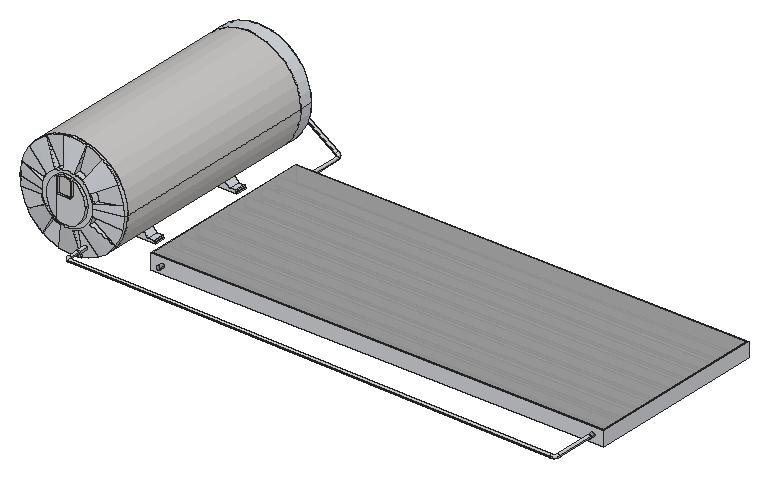
Revit family
Parameters (values of type "1360 X 594 SOL-200-DC")
  Number Of Solar Collector Panels (m2) = "1 X SOL-Panel-2.5"
  Heater Diameter = Height - 14 mm  # 580 mm
  URL = "http://www.autospec.co.za/browse.php?id=201327504"
  Product Code = "SOL-200-DIR"
  Operating Pressure = 400 kPa
  OmniClass Title = ""
  OmniClass Number = ""
  Modspec Classification = ""
  Specification = ""
  Material = Galvanised Steel
  Mass (Kg) = "52"
  Location (revit room) = ""
  Model = "Solar Water Heater Direct System 200 Litres"
  Manufacturer = "Kwikot"  # constant formula
  Length = 1360 mm
  Height = 594 mm
  Element Rating = 2 kW
  Hot Water Pipe Radius = Hot Water Pipe Diameter / 2  # 10 mm
  Cold Water Pipe Radius = Cold Water Pipe Diameter / 2  # 10 mm
  Hot Water Pipe Diameter = 20 mm
  Cold Water Pipe Diameter = 20 mm
  Cap Material = Metal Cap - Steel
  Colour = none
  Capacity (Litres) = 200.00 L
  Body Finish = none
  Base Mounting = 565 mm
  Assembly Code = "D3010500"
Reference planes
  plane 1 "Center (Front/Back)": y = 0
  plane 2 "Bottom": z = 0
  plane 3 "Center (Left/Right)": x = 0
  plane 4 "Right": x = 580
  plane 5: y = 1360
  plane 6 "Top": z = 594
  plane 7: x = 290
  plane 8: z = 14
  plane 9: z = 304
  plane 10: y = 680
  plane 11: y = 1260
  plane 12: y = 65
  plane 13: y = 962.5
  plane 14: y = 397.5
  plane 15: x = 467.5
  plane 16: x = 112.5
  plane 17: z = 80
  plane 18: y = 50
  plane 19: y = 15
  plane 20: y = 1335
Forms (mm)
  Extrusion 1, solid, material "Galvanised Steel"
    sketch origin (-115.446, 680, 1200) x (-1, 0, 0) y (0, 0, 1)
      loop
        circle (-405.446, -896) r 290
    from -615 to 580
  Extrusion 2, solid
    sketch origin (-115.446, 397.5, 1200) x (-1, 0, 0) y (0, 0, 1)
      loop
        line (-202.946, -1200) -> (-202.946, -1197) -> (-205.446, -1197)
        arc (-205.446, -1197) -> (-207.567, -1196.121) -> (-208.446, -1194) r 3
        line (-208.446, -1194) -> (-208.446, -1189)
        arc (-208.446, -1189) -> (-209.325, -1186.879) -> (-211.446, -1186) r 3
        line (-211.446, -1186) -> (-242.946, -1186) -> (-274.296, -1154.65)
        arc (-274.296, -1154.65) -> (-405.446, -1186) -> (-536.596, -1154.65) r 290
        line (-536.596, -1154.65) -> (-567.946, -1186) -> (-599.446, -1186)
        arc (-599.446, -1186) -> (-601.567, -1186.879) -> (-602.446, -1189) r 3
        line (-602.446, -1189) -> (-602.446, -1194)
        arc (-602.446, -1194) -> (-603.325, -1196.121) -> (-605.446, -1197) r 3
        line (-605.446, -1197) -> (-607.946, -1197) -> (-607.946, -1200) -> (-202.946, -1200)
    from -30 to 30
  Extrusion 3, solid
    sketch origin (-115.446, 962.5, 1200) x (-1, 0, 0) y (0, 0, 1)
      loop
        line (-607.946, -1200) -> (-202.946, -1200) -> (-202.946, -1197) -> (-205.446, -1197)
        arc (-205.446, -1197) -> (-207.567, -1196.121) -> (-208.446, -1194) r 3
        line (-208.446, -1194) -> (-208.446, -1189)
        arc (-208.446, -1189) -> (-209.325, -1186.879) -> (-211.446, -1186) r 3
        line (-211.446, -1186) -> (-242.946, -1186) -> (-274.296, -1154.65)
        arc (-274.296, -1154.65) -> (-405.446, -1186) -> (-536.596, -1154.65) r 290
        line (-536.596, -1154.65) -> (-567.946, -1186) -> (-599.446, -1186)
        arc (-599.446, -1186) -> (-601.567, -1186.879) -> (-602.446, -1189) r 3
        line (-602.446, -1189) -> (-602.446, -1194)
        arc (-602.446, -1194) -> (-603.325, -1196.121) -> (-605.446, -1197) r 3
        line (-605.446, -1197) -> (-607.946, -1197) -> (-607.946, -1200)
    from -30 to 30
  Revolve 4, solid
    sketch origin (-107.909, -1524, 304) x (-1, 0, 0) y (0, -1, 0)
      loop
        line (-107.909, -1589) -> (-107.909, -1574) -> (-397.909, -1574) -> (-397.909, -1589) -> (-107.909, -1589)
      axis (-397.909, -1589) -> (-397.909, -1574)
    angle from 0 to 360
  Revolve 5, solid
    sketch origin (-107.909, 2594, 304) x (-1, 0, 0) y (0, -1, 0)
      loop
        line (-107.909, 1334) -> (-397.909, 1334) -> (-397.909, 1259) -> (-107.909, 1259) -> (-107.909, 1334)
      axis (-397.909, 1334) -> (-397.909, 1259)
    angle from 0 to 360
  Extrusion 6, solid
    sketch origin (0, 0, 0) x (1, 0, 0) y (0, 0, 1)
      loop
        circle (360, 74) r 10
    from -50 to 5
  Extrusion 7, solid
    sketch origin (-115.446, 1360, 1200) x (-1, 0, 0) y (0, 0, 1)
      loop
        circle (-405.446, -896) r 10
    from 0 to 14.973
  Blend 8, solid
    base sketch origin (3514.885, 15, 1200) x (1, 0, 0) y (0, 0, 1)
      loop
        circle (-3224.885, -896) r 140
    top sketch origin (3514.885, 15, 1200) x (1, 0, 0) y (0, 0, 1)
      loop
        circle (-3224.885, -896) r 290
    from 0 to -35
  Extrusion 9, void
    sketch origin (3514.885, 15, 1200) x (-1, 0, 0) y (0, 0, 1)
      loop
        line (3187.356, -755.941) -> (3149.827, -615.882)
        arc (3149.827, -615.882) -> (3102.326, -633.171) -> (3058.548, -658.446) r 290
        line (3058.548, -658.446) -> (3141.716, -777.223)
        arc (3141.716, -777.223) -> (3163.605, -764.585) -> (3187.356, -755.941) r 145
    from 0 to 35
  Extrusion 10, void
    sketch origin (3203.906, 15, -1342.77) x (-0.707107, 0, 0.707107) y (0.707107, 0, 0.707107)
      loop
        line (3187.356, -755.941) -> (3149.827, -615.882)
        arc (3149.827, -615.882) -> (3102.326, -633.171) -> (3058.548, -658.446) r 290
        line (3058.548, -658.446) -> (3141.716, -777.223)
        arc (3141.716, -777.223) -> (3163.605, -764.585) -> (3187.356, -755.941) r 145
    from 0 to 35
  Extrusion 11, void
    sketch origin (1186, 15, -2920.885) x (0, 0, 1) y (1, 0, 0)
      loop
        line (3187.356, -755.941) -> (3149.827, -615.882)
        arc (3149.827, -615.882) -> (3102.326, -633.171) -> (3058.548, -658.446) r 290
        line (3058.548, -658.446) -> (3141.716, -777.223)
        arc (3141.716, -777.223) -> (3163.605, -764.585) -> (3187.356, -755.941) r 145
    from 0 to 35
  Extrusion 12, void
    sketch origin (-1356.77, 15, -2609.906) x (0.707107, 0, 0.707107) y (0.707107, 0, -0.707107)
      loop
        line (3187.356, -755.941) -> (3149.827, -615.882)
        arc (3149.827, -615.882) -> (3102.326, -633.171) -> (3058.548, -658.446) r 290
        line (3058.548, -658.446) -> (3141.716, -777.223)
        arc (3141.716, -777.223) -> (3163.605, -764.585) -> (3187.356, -755.941) r 145
    from 0 to 35
  Extrusion 13, void
    sketch origin (-2934.885, 15, -592) x (1, 0, 0) y (0, 0, -1)
      loop
        line (3187.356, -755.941) -> (3149.827, -615.882)
        arc (3149.827, -615.882) -> (3102.326, -633.171) -> (3058.548, -658.446) r 290
        line (3058.548, -658.446) -> (3141.716, -777.223)
        arc (3141.716, -777.223) -> (3163.605, -764.585) -> (3187.356, -755.941) r 145
    from 0 to 35
  Extrusion 14, void
    sketch origin (-2623.906, 15, 1950.77) x (0.707107, 0, -0.707107) y (-0.707107, 0, -0.707107)
      loop
        line (3187.356, -755.941) -> (3149.827, -615.882)
        arc (3149.827, -615.882) -> (3102.326, -633.171) -> (3058.548, -658.446) r 290
        line (3058.548, -658.446) -> (3141.716, -777.223)
        arc (3141.716, -777.223) -> (3163.605, -764.585) -> (3187.356, -755.941) r 145
    from 0 to 35
  Extrusion 15, void
    sketch origin (-606, 15, 3528.885) x (0, 0, -1) y (-1, 0, 0)
      loop
        line (3187.356, -755.941) -> (3149.827, -615.882)
        arc (3149.827, -615.882) -> (3102.326, -633.171) -> (3058.548, -658.446) r 290
        line (3058.548, -658.446) -> (3141.716, -777.223)
        arc (3141.716, -777.223) -> (3163.605, -764.585) -> (3187.356, -755.941) r 145
    from 0 to 35
  Extrusion 16, void
    sketch origin (1936.77, 15, 3217.906) x (-0.707107, 0, -0.707107) y (-0.707107, 0, 0.707107)
      loop
        line (3187.356, -755.941) -> (3149.827, -615.882)
        arc (3149.827, -615.882) -> (3102.326, -633.171) -> (3058.548, -658.446) r 290
        line (3058.548, -658.446) -> (3141.716, -777.223)
        arc (3141.716, -777.223) -> (3163.605, -764.585) -> (3187.356, -755.941) r 145
    from 0 to 35
  Extrusion 17, solid
    sketch origin (0, 0, 0) x (1, 0, 0) y (0, 0, 1)
      loop
        spline (180, 304) -> (183.748, 272.942) -> (194.737, 244) -> (212.218, 219.147) -> (235, 200.077) -> (261.53, 188.089) -> (290, 184) -> (318.47, 188.089) -> (345, 200.077) -> (367.782, 219.147) -> (385.263, 244) -> (396.252, 272.942) -> (400, 304)
        spline (400, 304) -> (396.252, 335.058) -> (385.263, 364) -> (367.782, 388.853) -> (345, 407.923) -> (318.47, 419.911) -> (290, 424) -> (261.53, 419.911) -> (235, 407.923) -> (212.218, 388.853) -> (194.737, 364) -> (183.748, 335.058) -> (180, 304)
    from -0.012 to -15
  Sweep 18, solid
    path origin (359.2, 0, 74.01) x (0.999921, 0, -0.012592) y (0, -1, 0)
      loop
        line (0.8, 5) -> (0.8, 60)
        arc (0.8, 60) -> (6.658, 74.142) -> (20.8, 80) r 20
        line (20.8, 80) -> (2681.014, 80)
        arc (2681.014, 80) -> (2695.156, 74.142) -> (2701.014, 60) r 20
        line (2701.014, 60) -> (2701.014, -155)
    profile origin (360, -32.5, 74) x (-0.999921, 0, 0.012592) y (-0.012592, 0, -0.999921)
      loop
        circle (0, 0) r 8
  Blend 19, solid
    base sketch origin (-115.446, 1360, 1200) x (-1, 0, 0) y (0, 0, 1)
      loop
        circle (-405.446, -896) r 140
    top sketch origin (-115.446, 1360, 1200) x (-1, 0, 0) y (0, 0, 1)
      loop
        circle (-405.446, -896) r 290
    from 0 to -25
  Extrusion 20, void
    sketch origin (-115.446, 1360, 1200) x (1, 0, 0) y (0, 0, 1)
      loop
        line (380.267, -753.203) -> (355.088, -610.406)
        arc (355.088, -610.406) -> (306.26, -623.489) -> (260.446, -644.853) r 290
        line (260.446, -644.853) -> (332.946, -770.426)
        arc (332.946, -770.426) -> (355.853, -759.745) -> (380.267, -753.203) r 145
    from 0 to 25
  Extrusion 21, void
    sketch origin (-630.261, 1360, 650.874) x (0.707107, 0, 0.707107) y (-0.707107, 0, 0.707107)
      loop
        line (380.267, -753.203) -> (355.088, -610.406)
        arc (355.088, -610.406) -> (306.26, -623.489) -> (260.446, -644.853) r 290
        line (260.446, -644.853) -> (332.946, -770.426)
        arc (332.946, -770.426) -> (355.853, -759.745) -> (380.267, -753.203) r 145
    from 0 to 25
  Extrusion 22, void
    sketch origin (-606, 1360, -101.446) x (0, 0, 1) y (-1, 0, 0)
      loop
        line (380.267, -753.203) -> (355.088, -610.406)
        arc (355.088, -610.406) -> (306.26, -623.489) -> (260.446, -644.853) r 290
        line (260.446, -644.853) -> (332.946, -770.426)
        arc (332.946, -770.426) -> (355.853, -759.745) -> (380.267, -753.203) r 145
    from 0 to 25
  Extrusion 23, void
    sketch origin (-56.874, 1360, -616.261) x (-0.707107, 0, 0.707107) y (-0.707107, 0, -0.707107)
      loop
        line (380.267, -753.203) -> (355.088, -610.406)
        arc (355.088, -610.406) -> (306.26, -623.489) -> (260.446, -644.853) r 290
        line (260.446, -644.853) -> (332.946, -770.426)
        arc (332.946, -770.426) -> (355.853, -759.745) -> (380.267, -753.203) r 145
    from 0 to 25
  Extrusion 24, void
    sketch origin (695.446, 1360, -592) x (-1, 0, 0) y (0, 0, -1)
      loop
        line (380.267, -753.203) -> (355.088, -610.406)
        arc (355.088, -610.406) -> (306.26, -623.489) -> (260.446, -644.853) r 290
        line (260.446, -644.853) -> (332.946, -770.426)
        arc (332.946, -770.426) -> (355.853, -759.745) -> (380.267, -753.203) r 145
    from 0 to 25
  Extrusion 25, void
    sketch origin (1210.261, 1360, -42.874) x (-0.707107, 0, -0.707107) y (0.707107, 0, -0.707107)
      loop
        line (380.267, -753.203) -> (355.088, -610.406)
        arc (355.088, -610.406) -> (306.26, -623.489) -> (260.446, -644.853) r 290
        line (260.446, -644.853) -> (332.946, -770.426)
        arc (332.946, -770.426) -> (355.853, -759.745) -> (380.267, -753.203) r 145
    from 0 to 25
  Extrusion 26, void
    sketch origin (1186, 1360, 709.446) x (0, 0, -1) y (1, 0, 0)
      loop
        line (380.267, -753.203) -> (355.088, -610.406)
        arc (355.088, -610.406) -> (306.26, -623.489) -> (260.446, -644.853) r 290
        line (260.446, -644.853) -> (332.946, -770.426)
        arc (332.946, -770.426) -> (355.853, -759.745) -> (380.267, -753.203) r 145
    from 0 to 25
  Extrusion 27, void
    sketch origin (636.874, 1360, 1224.261) x (0.707107, 0, -0.707107) y (0.707107, 0, 0.707107)
      loop
        line (380.267, -753.203) -> (355.088, -610.406)
        arc (355.088, -610.406) -> (306.26, -623.489) -> (260.446, -644.853) r 290
        line (260.446, -644.853) -> (332.946, -770.426)
        arc (332.946, -770.426) -> (355.853, -759.745) -> (380.267, -753.203) r 145
    from 0 to 25
  Sweep 28, solid
    path origin (407.998, 1360, 224.233) x (0.828462, 0, -0.560045) y (0, 1, 0)
      loop
        line (328.96, -155) -> (328.96, 30)
        arc (328.96, 30) -> (323.103, 44.142) -> (308.96, 50) r 20
        line (308.96, 50) -> (-122.302, 50)
        arc (-122.302, 50) -> (-136.444, 44.142) -> (-142.302, 30) r 20
        line (-142.302, 30) -> (-142.302, 14.973)
    profile origin (680.529, 1297.5, 40) x (-0.828462, 0, 0.560045) y (0.560045, 0, 0.828462)
      loop
        circle (0, 0) r 8
  Extrusion 29, void
    sketch origin (-107.909, -1524, 304) x (0, -1, 0) y (-1, 0, 0)
      loop
        line (-1524, -287.909) -> (-1534, -287.909) -> (-1524, -347.909) -> (-1524, -287.909)
    from -120 to 120
  Extrusion 30, solid, material "Galvanised Steel" <- "Material"
    sketch origin (0, 0, 0) x (1, 0, 0) y (0, 0, 1)
      loop
        line (260, 329) -> (320, 329)
        arc (320, 329) -> (327.071, 331.929) -> (330, 339) r 10
        line (330, 339) -> (330, 417.739)
        arc (330, 417.739) -> (328.367, 423.216) -> (324, 426.904) r 10
        arc (324, 426.904) -> (290, 434) -> (256, 426.904) r 85
        arc (256, 426.904) -> (251.633, 423.216) -> (250, 417.739) r 10
        line (250, 417.739) -> (250, 339)
        arc (250, 339) -> (252.929, 331.929) -> (260, 329) r 10
    from -5 to 10
  Extrusion 31, void
    sketch origin (0, 0, 0) x (-1, 0, 0) y (0, 0, 1)
      loop
        arc (-258, 422.321) -> (-290, 429) -> (-322, 422.321) r 80
        arc (-322, 422.321) -> (-324.183, 420.477) -> (-325, 417.739) r 5
        line (-325, 417.739) -> (-325, 339)
        arc (-325, 339) -> (-323.536, 335.464) -> (-320, 334) r 5
        line (-320, 334) -> (-260, 334)
        arc (-260, 334) -> (-256.464, 335.464) -> (-255, 339) r 5
        line (-255, 339) -> (-255, 417.739)
        arc (-255, 417.739) -> (-255.817, 420.477) -> (-258, 422.321) r 5
    from -5 to -10
Cuts and joins
  Extrusion 9, Extrusion 10, Extrusion 11, Extrusion 12, Extrusion 13, Extrusion 14, Extrusion 15, Extrusion 16 cuts Blend 8
  Extrusion 10, Extrusion 11, Extrusion 12, Extrusion 13, Extrusion 14, Extrusion 15, Extrusion 16 cuts Revolve 4
  Extrusion 20, Extrusion 21 cuts Extrusion 7
  Extrusion 20, Extrusion 21, Extrusion 22, Extrusion 23, Extrusion 24, Extrusion 25, Extrusion 26, Extrusion 27 cuts Blend 19
  Extrusion 21, Extrusion 22, Extrusion 23, Extrusion 24, Extrusion 25, Extrusion 26, Extrusion 27 cuts Revolve 5
  Extrusion 29 cuts Extrusion 17
  Extrusion 31 cuts Extrusion 30
Lines and regions (mm)
  symbolic lines
    curve 1: line (580, 1260, 594) -> (0, 1260, 594)
    curve 2: line (3120, 1180, 0) -> (620, 1180, 0)
    curve 3: line (620, 180, 0) -> (3120, 180, 0)
    curve 4: line (3120, 180, 0) -> (3120, 1180, 0)
    curve 5: line (3050, 155, 0) -> (3070, 155, 0)
    curve 6: line (3070, 155, 0) -> (3070, 180, 0)
    curve 7: line (3050, 155, 0) -> (3050, 180, 0)
    curve 8: line (580, 65, 594) -> (0, 65, 594)
    curve 9: line (624, 290, 0) -> (3116, 290, 0)
    curve 10: line (3116, 400, 0) -> (624, 400, 0)
    curve 11: line (624, 510, 0) -> (3116, 510, 0)
    curve 12: line (3116, 620, 0) -> (624, 620, 0)
    curve 13: line (624, 730, 0) -> (3116, 730, 0)
    curve 14: line (3116, 840, 0) -> (624, 840, 0)
    curve 15: line (624, 950, 0) -> (3116, 950, 0)
    curve 16: line (3116, 1060, 0) -> (624, 1060, 0)
    curve 17: line (620, 1180, 0) -> (620, 180, 0)
    curve 32: line (624, 184, 0) -> (624, 1176, 0)
    curve 33: line (3116, 184, 0) -> (624, 184, 0)
    curve 34: line (624, 1176, 0) -> (3116, 1176, 0)
    curve 35: line (3116, 1176, 0) -> (3116, 184, 0)
    curve 38: line (3050, 1180, 0) -> (3050, 1205, 0)
    curve 39: line (3050, 1205, 0) -> (3070, 1205, 0)
    curve 40: line (3070, 1205, 0) -> (3070, 1180, 0)
    curve 41: line (670, 1180, 0) -> (670, 1205, 0)
    curve 42: line (670, 1205, 0) -> (690, 1205, 0)
    curve 43: line (690, 1180, 0) -> (690, 1205, 0)
    curve 48: line (670, 155, 0) -> (690, 155, 0)
    curve 49: line (690, 155, 0) -> (690, 180, 0)
    curve 50: line (670, 155, 0) -> (670, 180, 0)
    curve 51: line (239.928, 0.012, 0) -> (400, 0.012, 0)
    curve 52: line (400, 0.012, 0) -> (400, 15, 0)
    curve 53: line (150, 15, 0) -> (430, 15, 0)
    curve 54: line (430, 1360, 0) -> (150, 1360, 0)
    curve 55: line (0, 1335, 0) -> (580, 1335, 0)
    curve 56: line (0, 1260, 0) -> (580, 1260, 0)
    curve 57: line (0, 65, 0) -> (580, 65, 0)
    curve 58: line (580, 50, 0) -> (0, 50, 0)
    curve 59: line (0, 50, 0) -> (0, 1335, 0)
    curve 60: line (580, 1335, 0) -> (580, 50, 0)
    curve 61: line (150, 1360, 0) -> (0, 1335, 0)
    curve 62: line (430, 1360, 0) -> (580, 1335, 0)
    curve 63: line (430, 15, 0) -> (580, 50, 0)
    curve 64: line (150, 15, 0) -> (0, 50, 0)
    curve 65: line (300, 1374.973, 0) -> (280, 1374.973, 0)
    curve 66: line (300, 1374.973, 0) -> (300, 1360, 0)
    curve 67: line (280, 1374.973, 0) -> (280, 1360, 0)
    curve 68: line (672.522, 1205, 0) -> (672.522, 1392.032, 0)
    curve 69: line (662.522, 1402.032, 0) -> (308.116, 1402.032, 0)
    curve 70: line (298.116, 1392.032, 0) -> (298.116, 1374.973, 0)
    curve 71: line (282.106, 1374.973, 0) -> (282.106, 1392.102, 0)
    curve 72: line (662.525, 1418.102, 0) -> (308.106, 1418.102, 0)
    curve 73: line (688.525, 1205, 0) -> (688.525, 1392.102, 0)
    curve 74: arc (282.106, 1392.102, 0) -> (289.721, 1410.487, 0) -> (308.106, 1418.102, 0) r 26
    curve 75: arc (688.525, 1392.102, 0) -> (680.909, 1410.487, 0) -> (662.525, 1418.102, 0) r 26
    curve 76: arc (298.116, 1392.032, 0) -> (301.045, 1399.103, 0) -> (308.116, 1402.032, 0) r 10
    curve 77: arc (672.522, 1392.032, 0) -> (669.593, 1399.103, 0) -> (662.522, 1402.032, 0) r 10
    curve 78: line (367.997, -5, 0) -> (367.997, -60.465, 0)
    curve 79: line (352.003, -5, 0) -> (352.003, -60.398, 0)
    curve 80: line (3067.997, 155, 0) -> (3067.997, -60.398, 0)
    curve 81: line (3052.003, 155, 0) -> (3052.003, -60.465, 0)
    curve 82: line (379.503, -87.898, 0) -> (3040.497, -87.898, 0)
    curve 83: line (379.497, -71.965, 0) -> (3040.503, -71.965, 0)
    curve 84: arc (379.497, -71.965, 0) -> (371.365, -68.597, 0) -> (367.997, -60.465, 0) r 11.5
    curve 85: arc (3040.503, -71.965, 0) -> (3048.635, -68.597, 0) -> (3052.003, -60.465, 0) r 11.5
    curve 86: arc (3040.497, -87.898, 0) -> (3059.942, -79.843, 0) -> (3067.997, -60.398, 0) r 27.5
    curve 87: arc (379.503, -87.898, 0) -> (360.058, -79.843, 0) -> (352.003, -60.398, 0) r 27.5
    curve 90: line (239.928, 0.012, 0) -> (180, 10, 0)
    curve 91: line (180, 10, 0) -> (180, 15, 0)
    curve 92: line (350, -5, 0) -> (350, 50, 0)
    curve 93: line (370, -5, 0) -> (370, 50, 0)
    curve 94: line (350, -5, 0) -> (370, -5, 0)
    curve 95: line (250, -10, 0) -> (330, -10, 0)
    curve 96: line (330, 5, 0) -> (250, 5, 0)
    curve 97: line (325, -5, 0) -> (255, -5, 0)
    curve 98: line (250, -10, 0) -> (250, 5, 0)
    curve 99: line (330, -10, 0) -> (330, 5, 0)
    curve 100: line (325, -10, 0) -> (325, -5, 0)
    curve 101: line (255, -10, 0) -> (255, -5, 0)
  symbolic lines, not visible
    curve 18: line (620, 1115, 80.5) -> (620, 180, 80.5)
    curve 19: line (620, 180, 80.5) -> (3120, 180, 80.5)
    curve 20: line (3050, 155, 80.5) -> (3070, 155, 80.5)
    curve 21: line (3120, 180, 80.5) -> (3120, 1115, 80.5)
    curve 22: line (624, 1060, 80.5) -> (3116, 1060, 80.5)
    curve 23: line (3116, 950, 80.5) -> (624, 950, 80.5)
    curve 24: line (624, 840, 80.5) -> (3116, 840, 80.5)
    curve 25: line (3116, 730, 80.5) -> (624, 730, 80.5)
    curve 26: line (624, 620, 80.5) -> (3116, 620, 80.5)
    curve 27: line (3116, 510, 80.5) -> (624, 510, 80.5)
    curve 28: line (624, 400, 80.5) -> (3116, 400, 80.5)
    curve 29: line (3116, 290, 80.5) -> (624, 290, 80.5)
    curve 30: line (3070, 155, 80.5) -> (3070, 180, 80.5)
    curve 31: line (3050, 155, 80.5) -> (3050, 180, 80.5)
    curve 36: line (624, 214, 80.5) -> (624, 1111, 80.5)
    curve 37: line (3116, 1111, 80.5) -> (3116, 214, 80.5)
  reference lines
    curve 44: line (3050, 0, 40) -> (3070, 0, 40)
    curve 45: line (360, 0, 74) -> (3060, 0, 40)
    curve 46: line (690, 1360, 40) -> (670, 1360, 40)
    curve 47: line (290, 1360, 304) -> (680.529, 1360, 40)
    curve 88: line (350, 0, 74) -> (370, 0, 74)
    curve 89: line (300, 1360, 304) -> (280, 1360, 304)
Dimensions and locks
  "Heater Diameter": plane 3 "Center (Left/Right)" to plane 4 "Right"
  equal spacing: plane 3 "Center (Left/Right)", plane 7, plane 4 "Right"
  "Length": plane 1 "Center (Front/Back)" to plane 5
  equal spacing: plane 5, plane 10, plane 1 "Center (Front/Back)"
  plane 1 "Center (Front/Back)" to plane 12 = 65 mm
  plane 5 to plane 11 = 100 mm
  "Height": plane 6 "Top" to plane 2 "Bottom"
  "Heater Diameter": plane 6 "Top" to plane 8
  plane 13 to plane 14 = 565 mm
  equal spacing: plane 13, plane 10, plane 14
  plane 16 to plane 15 = 355 mm
  equal spacing: plane 16, plane 7, plane 15
  plane 17 to level = 80 mm
  locked: plane 10 to nested 1 at 500
  plane 7 to Extrusion 6 sketch curve = 80 mm
  plane 9 to Extrusion 6 sketch curve = 240 mm
  plane 5 to plane 20 = 25 mm
  plane 7 to Extrusion 7 sketch curve = 0 mm
  Extrusion 30 sketch curve to plane 7 = 40 mm  (x2)
  radius of Extrusion 1 sketch curve = 290 mm
  "Cold Water Pipe Radius": radius of Extrusion 6 sketch curve
  "Hot Water Pipe Radius": radius of Extrusion 7 sketch curve
  aligned and locked: level to plane 2 "Bottom"
  aligned and locked: plane 11 to Extrusion 1
  aligned and locked: plane 12 to Extrusion 1
  aligned and locked: plane 2 "Bottom" to Extrusion 2 sketch curve
  aligned and locked: Extrusion 2 sketch curve to Extrusion 1
  aligned and locked: Extrusion 3 sketch curve to Extrusion 2  (x12)
  aligned and locked: Revolve 4 sketch curve to Extrusion 1
  aligned and locked: plane 3 "Center (Left/Right)" to Revolve 4 sketch curve
  aligned and locked: plane 7 to Revolve 4 sketch curve  (x2)
  aligned and locked: Revolve 5 sketch curve to plane 7  (x2)
  aligned and locked: Revolve 5 sketch curve to plane 3 "Center (Left/Right)"
  aligned and locked: Revolve 5 sketch curve to plane 11
  aligned: curve 1 to Revolve 5
  aligned and locked: nested 1 to curve 2
  aligned and locked: curve 4 to nested 1
  aligned and locked: curve 3 to nested 1
  aligned and locked: curve 5 to nested 1
  aligned: curve 8 to Revolve 4
  aligned and locked: curve 17 to nested 1
  aligned and locked: curve 32 to nested 1
  aligned and locked: curve 33 to nested 1
  aligned and locked: curve 34 to nested 1
  aligned and locked: curve 35 to nested 1
  aligned and locked: Revolve 4 sketch curve to plane 18
  aligned: plane 1 "Center (Front/Back)" to Extrusion 6
  aligned and locked: Extrusion 17 to plane 19
  aligned and locked: curve 5 to Sweep 18 sketch curve
  aligned and locked: plane 20 to Revolve 5 sketch curve
  aligned and locked: Extrusion 20 sketch curve to cut or joined group 1 (Blend 8, Extrusion 9, Extrusion 10, Extrusion 11, Extrusion 12, Extrusion 13, Extrusion 14, Extrusion 15, Extrusion 16)
  aligned and locked: Extrusion 20 sketch curve to Revolve 5
  aligned: Extrusion 7 to plane 20
  aligned: plane 5 to cut or joined group of Extrusion 7, Extrusion 20, Extrusion 21
  aligned and locked: curve 48 to nested 1
  aligned and locked: Extrusion 17 to curve 51
  aligned: curve 52 to Extrusion 17
  aligned and locked: curve 53 to cut or joined group 1
  aligned and locked: curve 54 to cut or joined group of Blend 19, Extrusion 20, Extrusion 21, Extrusion 22, Extrusion 23, Extrusion 24, Extrusion 25, Extrusion 26, Extrusion 27
  aligned and locked: curve 55 to cut or joined group 2 (Revolve 5, Extrusion 21, Extrusion 22, Extrusion 23, Extrusion 24, Extrusion 25, Extrusion 26, Extrusion 27)
  aligned and locked: curve 56 to cut or joined group 2
  aligned and locked: curve 57 to cut or joined group of Revolve 4, Extrusion 10, Extrusion 11, Extrusion 12, Extrusion 13, Extrusion 14, Extrusion 15, Extrusion 16
  aligned and locked: curve 58 to cut or joined group 1
  aligned and locked: curve 65 to cut or joined group of Extrusion 7, Extrusion 20, Extrusion 21
  aligned and locked: Extrusion 7 to plane 5
  aligned and locked: curve 67 to curve 89
  aligned and locked: curve 92 to curve 88
  aligned and locked: curve 93 to curve 88
  aligned and locked: curve 94 to Extrusion 6
  aligned and locked: Extrusion 6 to Sweep 18 sketch curve
  aligned and locked: curve 95 to cut or joined group of Extrusion 30, Extrusion 31
  aligned and locked: curve 96 to cut or joined group of Extrusion 30, Extrusion 31
  aligned and locked: curve 97 to cut or joined group of Extrusion 30, Extrusion 31
Automatic sketch dimensions
  plane 7 to Extrusion 1 sketch curve = 0 mm
  Extrusion 1 sketch curve to plane 9 = 0 mm
  Extrusion 2 sketch curve to plane 8 = 0 mm  (x2)
  plane 8 to Extrusion 2 sketch curve = 31.35 mm  (x2)
  plane 15 to Extrusion 2 sketch curve = 15 mm
  Extrusion 2 sketch curve to plane 15 = 16.5 mm
  Extrusion 2 sketch curve to Extrusion 2 sketch curve = 3 mm  (x3)
  level to Extrusion 2 sketch curve = 3 mm  (x2)
  Extrusion 2 sketch curve to Extrusion 2 sketch curve = 2.5 mm  (x2)
  Extrusion 2 sketch curve to plane 16 = 15 mm
  Extrusion 2 sketch curve to plane 8 = 3 mm
  plane 16 to Extrusion 2 sketch curve = 16.5 mm
  Revolve 4 sketch curve to Revolve 4 sketch curve = 35 mm
  plane 1 "Center (Front/Back)" to Revolve 4 sketch curve = 20 mm
  plane 5 to Revolve 5 sketch curve = 20 mm
  Revolve 5 sketch curve to plane 11 = 35 mm
  plane 14 to curve 10 = 2.5 mm
  curve 15 to plane 13 = 12.5 mm
  curve 5 to curve 3 = 70 mm
  curve 7 to curve 6 = 20 mm
  plane 10 to curve 13 = 50 mm
  curve 9 to plane 14 = 107.5 mm
  curve 10 to curve 11 = 110 mm
  curve 12 to plane 10 = 60 mm
  curve 14 to curve 15 = 110 mm
  plane 13 to curve 16 = 97.5 mm
  curve 30 to curve 31 = 20 mm
  curve 22 to curve 23 = 110 mm
  curve 23 to curve 24 = 110 mm
  curve 24 to curve 25 = 110 mm
  curve 25 to curve 26 = 110 mm
  curve 26 to curve 27 = 110 mm
  curve 27 to curve 28 = 110 mm
  curve 37 to plane 11 = 149 mm
  curve 37 to plane 4 "Right" = 2536 mm
  curve 21 to plane 11 = 145 mm
  curve 21 to plane 4 "Right" = 2540 mm
  curve 23 to plane 13 = 12.5 mm
  curve 21 to curve 23 = 4 mm
  curve 19 to curve 27 = 4 mm
  curve 28 to curve 27 = 0 mm
  curve 26 to curve 27 = 0 mm
  curve 25 to curve 26 = 0 mm
  curve 29 to curve 28 = 0 mm
  curve 22 to curve 23 = 0 mm
  curve 24 to curve 25 = 0 mm
  curve 19 to curve 30 = 50 mm
  curve 27 to plane 4 "Right" = 44 mm
  curve 22 to plane 4 "Right" = 44 mm
  curve 29 to plane 4 "Right" = 44 mm
  curve 23 to plane 4 "Right" = 44 mm
  curve 26 to plane 4 "Right" = 44 mm
  curve 25 to plane 4 "Right" = 44 mm
  curve 24 to plane 4 "Right" = 44 mm
  curve 28 to plane 4 "Right" = 44 mm
  curve 19 to plane 4 "Right" = 40 mm
  curve 29 to plane 14 = 107.5 mm
  curve 29 to curve 19 = 110 mm
  curve 31 to curve 20 = 25 mm
  plane 7 to Blend 8 sketch curve = 0 mm  (x2)
  Blend 8 sketch curve to plane 9 = 0 mm  (x2)
  Extrusion 9 sketch curve to Extrusion 9 sketch curve = 0 mm  (x4)
  Extrusion 9 sketch curve to Extrusion 9 sketch curve = 45.64 mm
  Extrusion 9 sketch curve to Extrusion 9 sketch curve = 83.169 mm
  Extrusion 9 sketch curve to Extrusion 9 sketch curve = 91.28 mm
  Extrusion 9 sketch curve to Extrusion 9 sketch curve = 37.529 mm
  Extrusion 9 sketch curve to Extrusion 9 sketch curve = 118.777 mm  (x2)
  Extrusion 10 sketch curve to Extrusion 10 sketch curve = 45.64 mm
  Extrusion 10 sketch curve to Extrusion 10 sketch curve = 0 mm  (x4)
  Extrusion 10 sketch curve to Extrusion 10 sketch curve = 83.169 mm
  Extrusion 10 sketch curve to Extrusion 10 sketch curve = 91.28 mm
  Extrusion 10 sketch curve to Extrusion 10 sketch curve = 37.529 mm
  Extrusion 10 sketch curve to Extrusion 10 sketch curve = 118.777 mm  (x2)
  Extrusion 11 sketch curve to Extrusion 11 sketch curve = 0 mm  (x4)
  Extrusion 11 sketch curve to Extrusion 11 sketch curve = 45.64 mm
  Extrusion 11 sketch curve to Extrusion 11 sketch curve = 83.169 mm
  Extrusion 11 sketch curve to Extrusion 11 sketch curve = 91.28 mm
  Extrusion 11 sketch curve to Extrusion 11 sketch curve = 37.529 mm
  Extrusion 11 sketch curve to Extrusion 11 sketch curve = 118.777 mm  (x2)
  Extrusion 12 sketch curve to Extrusion 12 sketch curve = 0 mm  (x4)
  Extrusion 12 sketch curve to Extrusion 12 sketch curve = 45.64 mm
  Extrusion 12 sketch curve to Extrusion 12 sketch curve = 83.169 mm
  Extrusion 12 sketch curve to Extrusion 12 sketch curve = 91.28 mm
  Extrusion 12 sketch curve to Extrusion 12 sketch curve = 37.529 mm
  Extrusion 12 sketch curve to Extrusion 12 sketch curve = 118.777 mm  (x2)
  Extrusion 13 sketch curve to Extrusion 13 sketch curve = 0 mm  (x4)
  Extrusion 13 sketch curve to Extrusion 13 sketch curve = 45.64 mm
  Extrusion 13 sketch curve to Extrusion 13 sketch curve = 83.169 mm
  Extrusion 13 sketch curve to Extrusion 13 sketch curve = 91.28 mm
  Extrusion 13 sketch curve to Extrusion 13 sketch curve = 37.529 mm
  Extrusion 13 sketch curve to Extrusion 13 sketch curve = 118.777 mm  (x2)
  Extrusion 14 sketch curve to Extrusion 14 sketch curve = 0 mm  (x4)
  Extrusion 14 sketch curve to Extrusion 14 sketch curve = 45.64 mm
  Extrusion 14 sketch curve to Extrusion 14 sketch curve = 83.169 mm
  Extrusion 14 sketch curve to Extrusion 14 sketch curve = 91.28 mm
  Extrusion 14 sketch curve to Extrusion 14 sketch curve = 37.529 mm
  Extrusion 14 sketch curve to Extrusion 14 sketch curve = 118.777 mm  (x2)
  Extrusion 15 sketch curve to Extrusion 15 sketch curve = 0 mm  (x4)
  Extrusion 15 sketch curve to Extrusion 15 sketch curve = 45.64 mm
  Extrusion 15 sketch curve to Extrusion 15 sketch curve = 83.169 mm
  Extrusion 15 sketch curve to Extrusion 15 sketch curve = 91.28 mm
  Extrusion 15 sketch curve to Extrusion 15 sketch curve = 37.529 mm
  Extrusion 15 sketch curve to Extrusion 15 sketch curve = 118.777 mm  (x2)
  Extrusion 16 sketch curve to Extrusion 16 sketch curve = 0 mm  (x4)
  Extrusion 16 sketch curve to Extrusion 16 sketch curve = 45.64 mm
  Extrusion 16 sketch curve to Extrusion 16 sketch curve = 83.169 mm
  Extrusion 16 sketch curve to Extrusion 16 sketch curve = 91.28 mm
  Extrusion 16 sketch curve to Extrusion 16 sketch curve = 37.529 mm
  Extrusion 16 sketch curve to Extrusion 16 sketch curve = 118.777 mm  (x2)
  plane 7 to Extrusion 9 sketch curve = 0 mm
  Extrusion 9 sketch curve to plane 9 = 0 mm
  plane 7 to Extrusion 10 sketch curve = 0 mm
  Extrusion 10 sketch curve to plane 9 = 0 mm
  plane 7 to Extrusion 11 sketch curve = 0 mm
  Extrusion 11 sketch curve to plane 9 = 0 mm
  plane 7 to Extrusion 12 sketch curve = 0 mm
  Extrusion 12 sketch curve to plane 9 = 0 mm
  plane 7 to Extrusion 13 sketch curve = 0 mm
  Extrusion 13 sketch curve to plane 9 = 0 mm
  plane 7 to Extrusion 14 sketch curve = 0 mm
  Extrusion 14 sketch curve to plane 9 = 0 mm
  plane 7 to Extrusion 15 sketch curve = 0 mm
  Extrusion 15 sketch curve to plane 9 = 0 mm
  plane 7 to Extrusion 16 sketch curve = 0 mm
  Extrusion 16 sketch curve to plane 9 = 0 mm
  Sweep 18 sketch curve to profile plane = 0 mm
  profile plane to Sweep 18 sketch curve = 0 mm
  plane 7 to Blend 19 sketch curve = 0 mm  (x2)
  Blend 19 sketch curve to plane 9 = 0 mm  (x2)
  Extrusion 20 sketch curve to Extrusion 20 sketch curve = 25.179 mm  (x2)
  Extrusion 20 sketch curve to Extrusion 20 sketch curve = 47.321 mm
  Extrusion 20 sketch curve to Extrusion 20 sketch curve = 94.642 mm
  Extrusion 21 sketch curve to Extrusion 21 sketch curve = 25.179 mm  (x2)
  Extrusion 21 sketch curve to Extrusion 21 sketch curve = 47.321 mm
  Extrusion 21 sketch curve to Extrusion 21 sketch curve = 94.642 mm
  Extrusion 22 sketch curve to Extrusion 22 sketch curve = 25.179 mm  (x2)
  Extrusion 22 sketch curve to Extrusion 22 sketch curve = 47.321 mm
  Extrusion 22 sketch curve to Extrusion 22 sketch curve = 94.642 mm
  Extrusion 23 sketch curve to Extrusion 23 sketch curve = 25.179 mm  (x2)
  Extrusion 23 sketch curve to Extrusion 23 sketch curve = 47.321 mm
  Extrusion 23 sketch curve to Extrusion 23 sketch curve = 94.642 mm
  Extrusion 24 sketch curve to Extrusion 24 sketch curve = 25.179 mm  (x2)
  Extrusion 24 sketch curve to Extrusion 24 sketch curve = 47.321 mm
  Extrusion 24 sketch curve to Extrusion 24 sketch curve = 94.642 mm
  Extrusion 25 sketch curve to Extrusion 25 sketch curve = 25.179 mm  (x2)
  Extrusion 25 sketch curve to Extrusion 25 sketch curve = 47.321 mm
  Extrusion 25 sketch curve to Extrusion 25 sketch curve = 94.642 mm
  Extrusion 26 sketch curve to Extrusion 26 sketch curve = 25.179 mm  (x2)
  Extrusion 26 sketch curve to Extrusion 26 sketch curve = 47.321 mm
  Extrusion 26 sketch curve to Extrusion 26 sketch curve = 94.642 mm
  Extrusion 27 sketch curve to Extrusion 27 sketch curve = 25.179 mm  (x2)
  Extrusion 27 sketch curve to Extrusion 27 sketch curve = 47.321 mm
  Extrusion 27 sketch curve to Extrusion 27 sketch curve = 94.642 mm
  Extrusion 21 sketch curve to Extrusion 21 sketch curve = 0 mm  (x2)
  plane 7 to Extrusion 21 sketch curve = 0 mm
  Extrusion 21 sketch curve to plane 9 = 0 mm
  Extrusion 21 sketch curve to Extrusion 21 sketch curve = 125.574 mm  (x2)
  Extrusion 22 sketch curve to Extrusion 22 sketch curve = 0 mm  (x2)
  plane 7 to Extrusion 22 sketch curve = 0 mm
  Extrusion 22 sketch curve to plane 9 = 0 mm
  Extrusion 22 sketch curve to plane 16 = 51.926 mm
  plane 3 "Center (Left/Right)" to Extrusion 22 sketch curve = 38.853 mm
  Extrusion 23 sketch curve to Extrusion 23 sketch curve = 0 mm  (x2)
  plane 7 to Extrusion 23 sketch curve = 0 mm
  Extrusion 23 sketch curve to plane 9 = 0 mm
  Extrusion 23 sketch curve to Extrusion 23 sketch curve = 125.574 mm  (x2)
  Extrusion 24 sketch curve to Extrusion 24 sketch curve = 0 mm  (x2)
  plane 7 to Extrusion 24 sketch curve = 0 mm
  Extrusion 24 sketch curve to plane 9 = 0 mm
  plane 17 to Extrusion 24 sketch curve = 98.426 mm
  Extrusion 24 sketch curve to plane 17 = 27.147 mm
  Extrusion 25 sketch curve to Extrusion 25 sketch curve = 0 mm  (x2)
  plane 7 to Extrusion 25 sketch curve = 0 mm
  Extrusion 25 sketch curve to plane 9 = 0 mm
  Extrusion 25 sketch curve to Extrusion 25 sketch curve = 125.574 mm  (x2)
  Extrusion 26 sketch curve to Extrusion 26 sketch curve = 0 mm  (x2)
  plane 7 to Extrusion 26 sketch curve = 0 mm
  Extrusion 26 sketch curve to plane 9 = 0 mm
  plane 15 to Extrusion 26 sketch curve = 51.926 mm
  plane 4 "Right" to Extrusion 26 sketch curve = 38.853 mm
  Extrusion 27 sketch curve to Extrusion 27 sketch curve = 0 mm  (x2)
  plane 7 to Extrusion 27 sketch curve = 0 mm
  Extrusion 27 sketch curve to plane 9 = 0 mm
  Extrusion 27 sketch curve to Extrusion 27 sketch curve = 125.574 mm  (x2)
  curve 8 to plane 4 "Right" = 0 mm
  curve 1 to plane 4 "Right" = 0 mm
  curve 8 to plane 3 "Center (Left/Right)" = 0 mm
  curve 1 to plane 3 "Center (Left/Right)" = 0 mm
  curve 1 to plane 11 = 0 mm
  plane 12 to curve 8 = 0 mm
  Sweep 28 sketch curve to curve 47 = 0 mm
  Sweep 28 sketch curve to curve 47 = 155 mm
  curve 47 to Sweep 28 sketch curve = 30 mm  (x2)
  Sweep 28 sketch curve to curve 47 = 20 mm
  curve 47 to Sweep 28 sketch curve = 0.128 mm
  curve 47 to Sweep 28 sketch curve = 14.973 mm
  Sweep 28 sketch curve to profile plane = 0 mm  (x2)
  curve 37 to plane 12 = 149 mm
  curve 36 to plane 12 = 149 mm
  curve 36 to plane 4 "Right" = 44 mm
  plane 13 to curve 36 = 148.5 mm
  curve 18 to curve 22 = 55 mm
  curve 88 to plane 17 = 6 mm
  curve 88 to curve 45 = 10 mm
  curve 45 to curve 88 = 10 mm
  plane 8 to curve 44 = 26 mm
  curve 44 to plane 4 "Right" = 2470 mm
  curve 44 to curve 45 = 10 mm
  curve 45 to curve 44 = 10 mm
  curve 88 to plane 7 = 80 mm
  plane 17 to Extrusion 7 sketch curve = 224 mm
  curve 89 to plane 9 = 0 mm
  plane 7 to curve 47 = 0 mm
  curve 89 to plane 7 = 10 mm
  plane 8 to curve 46 = 26 mm
  curve 46 to plane 4 "Right" = 90 mm
  curve 47 to curve 46 = 10.529 mm
  curve 46 to curve 47 = 9.471 mm
  plane 7 to curve 89 = 10 mm
  Extrusion 17 sketch curve to plane 9 = 0 mm
  plane 7 to Extrusion 17 sketch curve = 0 mm
  Extrusion 17 sketch curve to plane 16 = 67.5 mm
  Sweep 18 sketch curve to curve 45 = 0 mm  (x2)
  curve 45 to Sweep 18 sketch curve = 60 mm  (x2)
  curve 45 to Sweep 18 sketch curve = 20 mm
  plane 1 "Center (Front/Back)" to Extrusion 29 sketch curve = 0 mm
  plane 19 to Extrusion 29 sketch curve = 5 mm
  Extrusion 29 sketch curve to plane 16 = 67.5 mm
  plane 7 to Extrusion 29 sketch curve = 50 mm
  plane 7 to Extrusion 30 sketch curve = 0 mm
  Extrusion 30 sketch curve to Extrusion 30 sketch curve = 0 mm  (x2)
  Extrusion 30 sketch curve to Extrusion 30 sketch curve = 10 mm  (x4)
  plane 9 to Extrusion 30 sketch curve = 25 mm
  Extrusion 30 sketch curve to Extrusion 30 sketch curve = 9.165 mm
  Extrusion 30 sketch curve to Extrusion 30 sketch curve = 6 mm
  plane 7 to Extrusion 31 sketch curve = 0 mm
  Extrusion 31 sketch curve to plane 7 = 30 mm  (x2)
  Extrusion 31 sketch curve to Extrusion 31 sketch curve = 2 mm  (x2)
  Extrusion 31 sketch curve to Extrusion 31 sketch curve = 0 mm  (x2)
  Extrusion 31 sketch curve to Extrusion 31 sketch curve = 5 mm
  plane 7 to Extrusion 31 sketch curve = 30 mm  (x2)
  plane 9 to Extrusion 31 sketch curve = 30 mm
  Extrusion 31 sketch curve to Extrusion 31 sketch curve = 10 mm
  curve 64 to plane 3 "Center (Left/Right)" = 0 mm
  plane 19 to curve 53 = 0 mm
  curve 54 to plane 5 = 0 mm
  curve 57 to plane 4 "Right" = 0 mm
  plane 18 to curve 63 = 0 mm
  plane 12 to curve 57 = 0 mm
  curve 56 to plane 11 = 0 mm
  curve 55 to plane 20 = 0 mm
  curve 53 to plane 16 = 37.5 mm
  curve 54 to plane 16 = 37.5 mm
  curve 53 to curve 91 = 30 mm
  curve 51 to plane 1 "Center (Front/Back)" = 0.012 mm
  plane 7 to curve 51 = 50.072 mm
  curve 96 to plane 1 "Center (Front/Back)" = 5 mm
  curve 51 to curve 96 = 10.072 mm
  curve 95 to curve 97 = 5 mm
  curve 65 to curve 71 = 2.106 mm
  curve 76 to plane 7 = 8.116 mm
  curve 66 to plane 7 = 10 mm
  curve 74 to plane 7 = 18.106 mm
  curve 74 to curve 76 = 0.01 mm
  plane 1 "Center (Front/Back)" to curve 100 = 5 mm
  curve 100 to curve 92 = 25 mm
  curve 97 to curve 99 = 5 mm
  curve 95 to curve 79 = 22.003 mm
  curve 79 to curve 78 = 15.994 mm
  curve 84 to curve 84 = 11.5 mm
  curve 83 to curve 87 = 0.006 mm
  curve 93 to curve 52 = 30 mm
  plane 15 to curve 54 = 37.5 mm
  curve 52 to curve 63 = 30 mm
  plane 5 to curve 77 = 42.032 mm
  curve 77 to plane 4 "Right" = 82.522 mm
  curve 77 to curve 75 = 0.002 mm
  curve 48 to plane 4 "Right" = 90 mm
  curve 41 to plane 4 "Right" = 90 mm
  curve 75 to curve 68 = 9.998 mm
  curve 68 to curve 75 = 16.002 mm
  curve 50 to curve 49 = 20 mm
  curve 73 to curve 43 = 1.475 mm
  plane 1 "Center (Front/Back)" to curve 86 = 60.398 mm
  curve 48 to curve 86 = 2350.497 mm
  curve 86 to curve 83 = 0.006 mm
  curve 39 to plane 11 = 55 mm
  curve 86 to curve 39 = 9.503 mm
  curve 85 to curve 85 = 11.5 mm
  curve 81 to curve 86 = 15.994 mm
  curve 38 to curve 40 = 20 mm
  curve 84 to curve 87 = 11.567 mm
  curve 100 to curve 97 = 5 mm
  plane 1 "Center (Front/Back)" to curve 79 = 5 mm
  curve 90 to curve 91 = 5 mm
  curve 50 to plane 12 = 90 mm
  curve 81 to plane 12 = 90 mm
  curve 81 to curve 80 = 0 mm
  curve 48 to curve 49 = 25 mm
  curve 50 to curve 49 = 0 mm
  curve 40 to curve 39 = 25 mm
  curve 38 to curve 40 = 0 mm
  curve 43 to plane 11 = 80 mm
  curve 41 to curve 43 = 0 mm
  curve 43 to curve 73 = 25 mm
  curve 67 to curve 67 = 14.973 mm
  curve 68 to curve 73 = 0.07 mm
  radius of Blend 8 sketch curve = 140 mm
  radius of Blend 8 sketch curve = 290 mm
  radius of Sweep 18 sketch curve = 8 mm
  radius of Blend 19 sketch curve = 140 mm
  radius of Blend 19 sketch curve = 290 mm
  radius of Sweep 28 sketch curve = 8 mm
Nested families
  nested 1: "Collector Panels" at (620, 180, 0), type "SOL-Panel-2.5"
Definition of nested family "Collector Panels"
  Parameters (values of type "SOL-Panel-2")
    Width Of Panel = 1000 mm
    Product Code = "SOL-Panel-2"
    Length Of Tubes = Length Of Panel - 8 mm  # 1992 mm
    Length Of Panel = 2000 mm
    Height Of Panel = 80 mm
  Types (4, lengths in mm): name | Product Code | Length Of Tubes | Length Of Panel
    (no name) | "SOL-Panel-2" | 1992 | 2000
    SOL-Panel-2 | "SOL-Panel-2" | 1992 | 2000
    SOL-Panel-2B | "SOL-Panel-2B" | 1992 | 2000
    SOL-Panel-2.5 | "SOL-Panel-2.5" | 2492 | 2500
  Reference planes
    plane 1 "Center (Front/Back)": y = 0
    plane 2: z = 0
    plane 3 "Center (Left/Right)": x = 0
    plane 4: y = 1000
    plane 5: x = 2000
    plane 6: z = 80
    plane 7: x = 4
    plane 8: x = 1996
    plane 9: x = 4
    plane 10: x = 4
    plane 11: x = 4
    plane 12: x = 4
    plane 13: x = 4
    plane 14: x = 4
    plane 15: x = 4
    plane 16: x = 4
    plane 17: y = 0
    plane 18: y = 0
  Forms (mm)
    Extrusion 1, solid
      sketch origin (0, 0, 0) x (1, 0, 0) y (0, 1, 0)
        loop
          line (0, 1000) -> (0, 0) -> (2000, 0) -> (2000, 1000) -> (0, 1000)
        loop
          line (4, 4) -> (1996, 4) -> (1996, 996) -> (4, 996) -> (4, 4)
      from 0 to 80
    Extrusion 2, solid, material "Panel Material"
      sketch origin (-173.965, -1524, 80) x (-1, 0, 0) y (0, -1, 0)
        loop
          line (-177.965, -1528) -> (-2169.965, -1528) -> (-2169.965, -2520) -> (-177.965, -2520) -> (-177.965, -1528)
      from 0 to -5
    Sweep 3, solid
      path origin (-173.965, -1524, 80) x (-1, 0, 0) y (0, -1, 0)
        loop
          line (-177.965, -1634) -> (-2169.965, -1634)
      profile origin (1000, 110, 80) x (0, 1, 0) y (0, 0, 1)
        loop
          circle (0, -40) r 25
    Sweep 4, solid
      path origin (-173.965, -1414, 80) x (-1, 0, 0) y (0, -1, 0)
        loop
          line (-177.965, -1634) -> (-2169.965, -1634)
      profile origin (1000, 220, 80) x (0, 1, 0) y (0, 0, 1)
        loop
          circle (0, -40) r 25
    Sweep 5, solid
      path origin (-173.965, -1304, 80) x (-1, 0, 0) y (0, -1, 0)
        loop
          line (-177.965, -1634) -> (-2169.965, -1634)
      profile origin (1000, 330, 80) x (0, 1, 0) y (0, 0, 1)
        loop
          circle (0, -40) r 25
    Sweep 6, solid
      path origin (-173.965, -1194, 80) x (-1, 0, 0) y (0, -1, 0)
        loop
          line (-177.965, -1634) -> (-2169.965, -1634)
      profile origin (1000, 440, 80) x (0, 1, 0) y (0, 0, 1)
        loop
          circle (0, -40) r 25
    Sweep 7, solid
      path origin (-173.965, -1084, 80) x (-1, 0, 0) y (0, -1, 0)
        loop
          line (-177.965, -1634) -> (-2169.965, -1634)
      profile origin (1000, 550, 80) x (0, 1, 0) y (0, 0, 1)
        loop
          circle (0, -40) r 25
    Sweep 8, solid
      path origin (-173.965, -974, 80) x (-1, 0, 0) y (0, -1, 0)
        loop
          line (-177.965, -1634) -> (-2169.965, -1634)
      profile origin (1000, 660, 80) x (0, 1, 0) y (0, 0, 1)
        loop
          circle (0, -40) r 25
    Sweep 9, solid
      path origin (-173.965, -864, 80) x (-1, 0, 0) y (0, -1, 0)
        loop
          line (-177.965, -1634) -> (-2169.965, -1634)
      profile origin (1000, 770, 80) x (0, 1, 0) y (0, 0, 1)
        loop
          circle (0, -40) r 25
    Sweep 10, solid
      path origin (-173.965, -754, 80) x (-1, 0, 0) y (0, -1, 0)
        loop
          line (-177.965, -1634) -> (-2169.965, -1634)
      profile origin (1000, 880, 80) x (0, 1, 0) y (0, 0, 1)
        loop
          circle (0, -40) r 25
    Extrusion 11, solid, material "Default"
      sketch origin (0, 0, 0) x (1, 0, 0) y (0, 0, 1)
        loop
          circle (60, 40) r 10
      from 0 to 25
    Extrusion 12, solid, material "Default"
      sketch origin (0, 0, 0) x (1, 0, 0) y (0, 0, 1)
        loop
          circle (1940, 40) r 10
      from 0 to 25
    Extrusion 13, solid, material "Default"
      sketch origin (0, 1000, 0) x (1, 0, 0) y (0, 0, -1)
        loop
          circle (60, -40) r 10
      from 0 to 25
    Extrusion 14, solid, material "Default"
      sketch origin (0, 1000, 0) x (1, 0, 0) y (0, 0, -1)
        loop
          circle (1940, -40) r 10
      from 0 to 25
  Dimensions and locks
    "Length Of Panel": plane 3 "Center (Left/Right)" to plane 5
    "Width Of Panel": plane 4 to plane 1 "Center (Front/Back)"
    "Height Of Panel": plane 6 to plane 2
    "Length Of Tubes": plane 7 to plane 8
    plane 3 "Center (Left/Right)" to Extrusion 1 sketch curve = 4 mm
    Extrusion 1 sketch curve to plane 5 = 4 mm
    plane 4 to Extrusion 1 sketch curve = 4 mm
    plane 1 "Center (Front/Back)" to Extrusion 1 sketch curve = 4 mm
    equal spacing: group 1, group 2, group 3, group 4, group 5, group 6, group 7, group 8  (x3)
    "Length Of Tubes": Sweep 3 sketch curve to Sweep 3 sketch curve
    "Length Of Tubes": Sweep 4 sketch curve to Sweep 4 sketch curve
    "Length Of Tubes": Sweep 5 sketch curve to Sweep 5 sketch curve
    "Length Of Tubes": Sweep 6 sketch curve to Sweep 6 sketch curve
    "Length Of Tubes": Sweep 7 sketch curve to Sweep 7 sketch curve
    "Length Of Tubes": Sweep 8 sketch curve to Sweep 8 sketch curve
    "Length Of Tubes": Sweep 9 sketch curve to Sweep 9 sketch curve
    "Length Of Tubes": Sweep 10 sketch curve to Sweep 10 sketch curve
    Extrusion 11 sketch curve to plane 3 "Center (Left/Right)" = 60 mm
    plane 6 to Extrusion 11 sketch curve = 40 mm
    Extrusion 12 sketch curve to plane 5 = 60 mm
    plane 6 to Extrusion 12 sketch curve = 40 mm
    locked: plane 3 "Center (Left/Right)" to plane 7 at 4
    aligned and locked: level to plane 2
    aligned and locked: Extrusion 1 sketch curve to plane 4
    aligned and locked: plane 3 "Center (Left/Right)" to Extrusion 1 sketch curve
    aligned and locked: Extrusion 1 sketch curve to plane 1 "Center (Front/Back)"
    aligned and locked: plane 5 to Extrusion 1 sketch curve
    aligned and locked: Extrusion 2 sketch curve to Extrusion 1  (x4)
    aligned and locked: profile plane to Sweep 3 sketch curve
    aligned and locked: profile plane to Sweep 4 sketch curve
    aligned and locked: profile plane to Sweep 5 sketch curve
    aligned and locked: profile plane to Sweep 6 sketch curve
    aligned and locked: profile plane to Sweep 7 sketch curve
    aligned and locked: profile plane to Sweep 8 sketch curve
    aligned and locked: profile plane to Sweep 9 sketch curve
    aligned and locked: profile plane to Sweep 10 sketch curve
    aligned and locked: plane 9 to plane 7
    aligned and locked: plane 9 to Sweep 3 sketch curve
    aligned and locked: plane 10 to Sweep 4 sketch curve
    aligned and locked: plane 11 to Sweep 5 sketch curve
    aligned and locked: plane 12 to Sweep 6 sketch curve
    aligned and locked: plane 13 to Sweep 7 sketch curve
    aligned and locked: plane 14 to Sweep 8 sketch curve
    aligned and locked: plane 15 to Sweep 9 sketch curve
    aligned and locked: plane 16 to Sweep 10 sketch curve
  Automatic sketch dimensions
    Sweep 3 sketch curve to profile plane = 40 mm
    Sweep 4 sketch curve to profile plane = 40 mm
    Sweep 5 sketch curve to profile plane = 40 mm
    Sweep 6 sketch curve to profile plane = 40 mm
    Sweep 7 sketch curve to profile plane = 40 mm
    Sweep 8 sketch curve to profile plane = 40 mm
    Sweep 9 sketch curve to profile plane = 40 mm
    Sweep 10 sketch curve to profile plane = 40 mm
    plane 7 to Extrusion 13 sketch curve = 56 mm
    level to Extrusion 13 sketch curve = 40 mm
    plane 8 to Extrusion 14 sketch curve = 56 mm
    level to Extrusion 14 sketch curve = 40 mm
    radius of Sweep 3 sketch curve = 25 mm
    radius of Sweep 4 sketch curve = 25 mm
    radius of Sweep 5 sketch curve = 25 mm
    radius of Sweep 6 sketch curve = 25 mm
    radius of Sweep 7 sketch curve = 25 mm
    radius of Sweep 8 sketch curve = 25 mm
    radius of Sweep 9 sketch curve = 25 mm
    radius of Sweep 10 sketch curve = 25 mm
    radius of Extrusion 11 sketch curve = 10 mm
    radius of Extrusion 12 sketch curve = 10 mm
    radius of Extrusion 13 sketch curve = 10 mm
    radius of Extrusion 14 sketch curve = 10 mm
